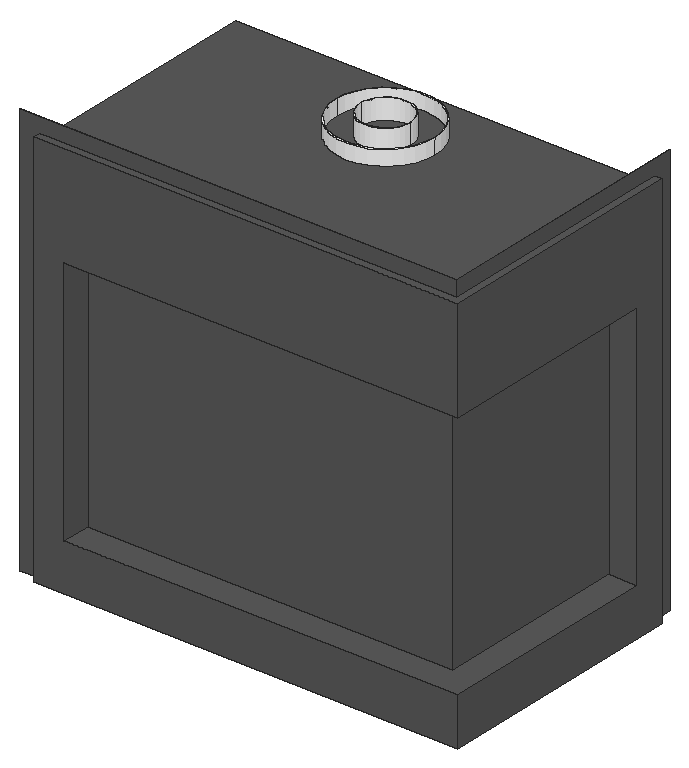
Revit family "H38DF-CR - HL38DF-CR", category Generic Models, Revit 2019
Family settings
  Can host rebar = No
  Round Connector Dimension = Use Diameter
  Part Type = Normal
  Work Plane-Based = No
  Always vertical = Yes
  Cut with Voids When Loaded = No
  Shared = No
  Room Calculation Point = No
Parameters
  Width = 12 5/16"
  URL = "https://www.montigo.com/"
  Model = ""
  Manufacturer Fax = ""
  Manufacturer Website = "https://www.montigo.com/"
  Manufacturer Phone - Toll Free = "800-378-3115"
  Manufacturer Phone = ""
  Manufacturer Address = "27342 Gloucester Way  Langley, BC, Canada   V4W 4A1"
  Manufacturer = "Montigo"
  Length = 53 7/16"
  Keynote = ""
  Glazing Tint = Glass - Montigo - Tint as Specified
  Frame Material = Metal - Montigo - Black
  Firebox Material = Metal - Montigo - White
  Fire Place Length = 50 5/16"
  Fire Place Height = 24 1/2"
  Fire Place - Opening = 16 9/16"
  Description = "Montigo Fireplace as Specified"
  Base Height = 6 9/16"
Reference planes (in)
  plane 1 "Center (Front/Back)": y = 0
  plane 2: z = 0
  plane 3 "Center (Left/Right)": x = 0
Forms (in)
  Extrusion 1, solid, material "Metal - Montigo - Black" <- "Frame Material"
    sketch origin (0, 4.4865, 0) x (1, 0, 0) y (0, 1, 0)
      loop
        line (-20.4585, -4.4865) -> (20.3355, -4.4865) -> (20.3355, 19.03395) -> (-20.4585, 19.03395) -> (-20.4585, -4.4865)
    from 0 to 39.625
  Extrusion 2, solid, material "Metal - Montigo - Black" <- "Frame Material"
    sketch origin (0, 0, 0) x (1, 0, 0) y (0, 1, 0)
      loop
        line (20.27236, 26.488) -> (20.27236, 0.06) -> (-23.1145, 0.06) -> (-23.1145, 0) -> (20.3355, 0) -> (20.3355, 26.488) -> (20.27236, 26.488)
    from 0 to 41.125
  Extrusion 3, solid, material "Metal - Montigo - Black" <- "Frame Material"
    sketch origin (0, 0, 0) x (1, 0, 0) y (0, 1, 0)
      loop
        line (20.3355, 24.6137) -> (20.3355, 0) -> (-21.1745, 0) -> (-21.1745, -0.748) -> (21.0835, -0.748) -> (21.0835, 24.6137) -> (20.3355, 24.6137)
    from 0 to 39.625
  Extrusion 4, void
    sketch origin (20.9925, -0.748, 0) x (1, 0, 0) y (0, 0, -1)
      loop
        line (6.00638, -29.465) -> (6.00638, -4.73164) -> (-39.0965, -4.73164) -> (-39.0965, -29.465) -> (6.00638, -29.465)
    from -2.875 to 2.875
  Extrusion 5, void
    sketch origin (20.9925, -0.748, 0) x (1, 0, 0) y (0, 0, -1)
      loop
        line (0.091, -29.465) -> (0.091, -4.73164) -> (-2.7725, -4.73164) -> (-2.7725, -29.465) -> (0.091, -29.465)
    from 0 to 22.25
Cuts and joins
  Extrusion 4, Extrusion 5 cuts Extrusion 1
  Extrusion 4, Extrusion 5 cuts Extrusion 2
  Extrusion 4, Extrusion 5 cuts Extrusion 3
  joined: Extrusion 1, Extrusion 2, Extrusion 3
Dimensions and locks (in)
  level to nested 4 = 33 1/4"
  nested 4 to level = 33 1/4"
  plane 1 "Center (Front/Back)" to Extrusion 1 = 23.52045"
  cut or joined group of Extrusion 1, Extrusion 2, Extrusion 3, Extrusion 4, Extrusion 5 to nested 1 = 6.95795"
  aligned and locked: level to plane 2
  aligned and locked: nested 2 to nested 1
  aligned and locked: nested 2 to plane 3 "Center (Left/Right)"
  aligned and locked: nested 1 to plane 3 "Center (Left/Right)"
  aligned and locked: nested 4 to plane 3 "Center (Left/Right)"
  aligned and locked: nested 3 to plane 3 "Center (Left/Right)"
Nested families (in)
  nested 1: "Duct Dia" at (0, 16.5625, 39.625) x (-1, 0, 0) z (0, 0, 1), type "5""
    with Intake Duct Dia 5", Intake Diameter 4 7/8", Height 2"
  nested 2: "Duct Dia" at (0, 16.5625, 39.625) x (-1, 0, 0) z (0, 0, 1), type "9 7/8""
    with Intake Duct Dia 9 7/8", Intake Diameter 9 3/4", Height 1 1/2"
  nested 3: "Duct Dia" at (0, 23.52045, 33.25) x (-1, 0, 0) z (0, 1, 0), type "5""
    with Intake Duct Dia 5", Intake Diameter 4 7/8", Height 2"
  nested 4: "Duct Dia" at (0, 23.52045, 33.25) x (-1, 0, 0) z (0, 1, 0), type "9 7/8""
    with Intake Duct Dia 9 7/8", Intake Diameter 9 3/4", Height 1 1/2"
Connectors (in)
  hvac at (0, 16.5625, 41.625)
    settings: on nested 1, index 4, duct flow 0.0 L/s, flow factor 0, pres drop 0.0 Pa, loss coef 0, conn angle 0.00°, conn width 304.8 mm, conn height 304.8 mm, conn diameter 127 mm, duct sys type 3, conn prof type 0, flow config 0, flow direction 0, loss method 0, conn ref index -1, conn util no, is conn primary yes, conn desc ""
  hvac at (0, 16.5625, 41.125)
    settings: on nested 2, index 5, duct flow 0.0 L/s, flow factor 0, pres drop 0.0 Pa, loss coef 0, conn angle 0.00°, conn width 304.8 mm, conn height 304.8 mm, conn diameter 250.825 mm, duct sys type 3, conn prof type 0, flow config 0, flow direction 0, loss method 0, conn ref index -1, conn util no, is conn primary no, conn desc ""
  hvac at (0, 25.52045, 33.25)
    settings: on nested 3, index 6, duct flow 0.0 L/s, flow factor 0, pres drop 0.0 Pa, loss coef 0, conn angle 0.00°, conn width 304.8 mm, conn height 304.8 mm, conn diameter 127 mm, duct sys type 3, conn prof type 0, flow config 0, flow direction 0, loss method 0, conn ref index -1, conn util no, is conn primary no, conn desc ""
  hvac at (0, 25.02045, 33.25)
    settings: on nested 4, index 7, duct flow 0.0 L/s, flow factor 0, pres drop 0.0 Pa, loss coef 0, conn angle 0.00°, conn width 304.8 mm, conn height 304.8 mm, conn diameter 250.825 mm, duct sys type 3, conn prof type 0, flow config 0, flow direction 0, loss method 0, conn ref index -1, conn util no, is conn primary no, conn desc ""
Definition of nested family "Duct Dia"
  Parameters (values of type "15 7/8" Dia.")
    Intake Duct Dia = 15 7/8"
    Intake Diameter = Intake Duct Dia - 1/8"  # 15 3/4"
    Height = 4"
    Firebox Material = none
    Default Elevation = 48"
  Types (12): name | Intake Duct Dia | Intake Diameter | Height
    9 7/8" Dia. | 9 7/8" | 9 3/4" | 4"
    7 7/8" Dia | 7 7/8" | 7 3/4" | 4"
    8 1/8" Dia | 8 1/8" | 8" | 1/4"
    11 3/4" Dia | 11 3/4" | 11 5/8" | 4"
    4" Dia | 10" | 9 7/8" | 4"
    7 3/4" Dia | 7 3/4" | 7 5/8" | 4"
    6 7/8" Dia | 6 7/8" | 6 3/4" | 1/4"
    9 3/4" Dia. | 9 3/4" | 9 5/8" | 4"
    7 1/8" Dia | 7 1/8" | 7" | 1/4"
    11 7/8" Dia. | 11 7/8" | 11 3/4" | 4"
    13 7/8" Dia. | 13 7/8" | 13 3/4" | 4"
    15 7/8" Dia. | 15 7/8" | 15 3/4" | 4"
  Reference planes (in)
    plane 1 "Center (Front/Back)": y = 0
    plane 2: z = 0
    plane 3 "Center (Left/Right)": x = 0
    plane 4: z = 4
  Forms (in)
    Extrusion 1, solid
      sketch origin (0, 0, 0) x (1, 0, 0) y (0, 1, 0)
        loop
          line (-48, 48) -> (-48, -48) -> (48, -48) -> (48, 48) -> (-48, 48)
      from 0 to -12
    Extrusion 2, solid, material <- "Firebox Material"
      sketch origin (0, 0, 0) x (1, 0, 0) y (0, 1, 0)
        loop
          circle (0, 0) r 7.9375
        loop
          circle (0, 0) r 7.875
      from 0 to 4
  Dimensions and locks (in)
    "Height": plane 4 to level
    "Intake Duct Dia": diameter of Extrusion 2 sketch curve
    "Intake Diameter": diameter of Extrusion 2 sketch curve
    aligned and locked: plane 2 to Extrusion 1
    aligned and locked: level to Extrusion 1
    aligned and locked: plane 4 to Extrusion 2
  Automatic sketch dimensions
    Extrusion 1 sketch curve to Extrusion 1 sketch curve = 96"  (x2)
    Extrusion 2 sketch curve to Extrusion 2 sketch curve = 0"  (x2)
    plane 1 "Center (Front/Back)" to Extrusion 2 sketch curve = 0"
    Extrusion 2 sketch curve to plane 3 "Center (Left/Right)" = 0"
